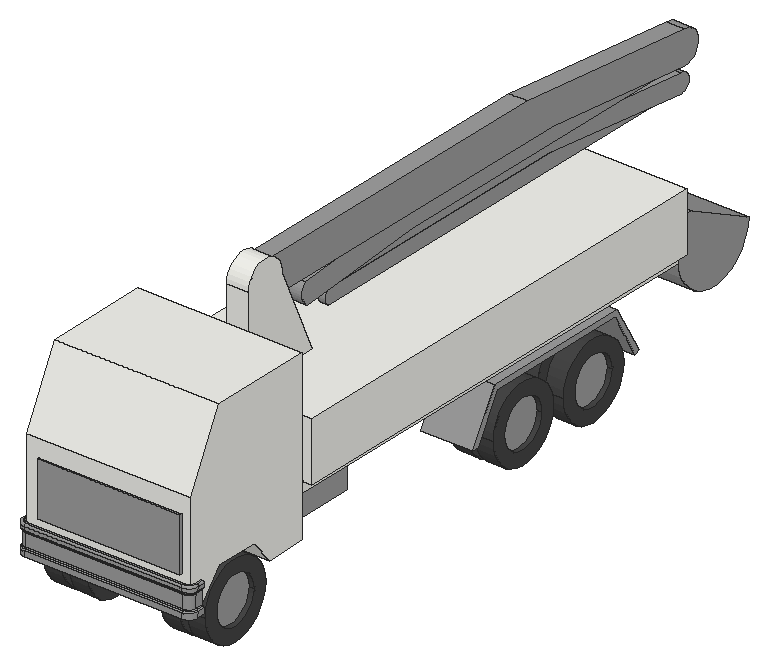
Revit family "1569426453Concrete Boom Pump Truck", category Site, Revit 2009
Parameters (values of type "90' Reach")
  Cab Material = Metal - Paint Finish - White, Matte
  Maximum Reach = 90' - 0"
  Tire Material = Plastic - Black
  Trailer Material = Metal - Paint Finish - White, Matte
Reference planes (in)
  plane 1 "Center F/B": x = -223.73077
  plane 2: z = 0
  plane 3 "Center L/R": y = -220.26923
  plane 4: z = 18
  plane 5: z = 18
  plane 6: y = -184.26923
  plane 7: z = 18
  plane 8: z = 18
  plane 9: y = 179.73077
  plane 10: z = 132
  plane 11: y = -108.26923
  plane 12: x = -229.73077
  plane 13: x = -217.73077
  plane 14: x = -218.73077
  plane 15: x = -228.73077
  plane 16: x = -227.73077
  plane 17: x = -219.73077
Forms (in)
  Extrusion 1, solid, material "Metal - Steel"
    sketch origin (-223.73077, -183.26923, 0) x (0, -1, 0) y (1, 0, 0)
      loop
        line (-100, 16) -> (-315, 16) -> (-315, -16) -> (-100, -16) -> (-100, -29.69599) -> (-48, -29.69599) -> (-48, 30.30401) -> (-100, 30.30401) -> (-100, 16)
    from 28 to 48
  Extrusion 2, solid, material "Plastic - Black" <- "Tire Material"
    sketch origin (-223.73077, 0, 0) x (0, -1, 0) y (0, 0, -1)
      loop
        circle (-67.73077, -20.25) r 20.5
      loop
        circle (177.26923, -20.25) r 20.5
      loop
        circle (-19.73077, -20.25) r 20.5
      loop
        circle (177.26923, -20.25) r 13
      loop
        circle (-19.73077, -20.25) r 13
      loop
        circle (-67.73077, -20.25) r 13
    from 34.375 to 44.375
  Sweep 3, solid, material "Metal - Chrome Plate"
    path origin (0, 129, 0) x (1, 0, 0) y (0, 1, 0)
      loop
        line (-271.73077, -332.26923) -> (-271.73077, -336.26923)
        arc (-271.73077, -336.26923) -> (-270.2663, -339.80476) -> (-266.73077, -341.26923) r 5
        line (-266.73077, -341.26923) -> (-180.73077, -341.26923)
        arc (-180.73077, -341.26923) -> (-177.19524, -339.80476) -> (-175.73077, -336.26923) r 5
        line (-175.73077, -336.26923) -> (-175.73077, -332.26923)
    profile origin (0, -205.26923, 0) x (1, 0, 0) y (0, 0, 1)
      loop
        line (-271.73077, 26.02419) -> (-269.73077, 26.02419) -> (-269.73077, 42.02419) -> (-270.73077, 42.02419)
        arc (-270.73077, 42.02419) -> (-271.43788, 41.7313) -> (-271.73077, 41.02419) r 1
        line (-271.73077, 41.02419) -> (-271.73077, 39.02419) -> (-270.963, 38.25642)
        arc (-270.963, 38.25642) -> (-270.74623, 37.932) -> (-270.67011, 37.54932) r 1
        line (-270.67011, 37.54932) -> (-270.67011, 30.37774)
        arc (-270.67011, 30.37774) -> (-270.74623, 29.99506) -> (-270.963, 29.67064) r 1
        line (-270.963, 29.67064) -> (-271.73077, 28.90287) -> (-271.73077, 26.02419)
  Extrusion 4, solid, material "Metal - Paint Finish - White, Matte"
    sketch origin (-223.73077, 0, 0) x (0, -1, 0) y (0, 0, 1)
      loop
        line (189.30344, 122) -> (132.26923, 122) -> (132.26923, 30) -> (154.76923, 30) -> (165.71453, 43.0441) -> (189.6083, 43.0441) -> (200.6104, 29.93231) -> (208.25451, 29.93231) -> (208.25451, 84) -> (189.30344, 122)
    from -45 to 45
  Extrusion 5, solid, material "Plastic - Black" <- "Tire Material"
    sketch origin (-223.73077, 0, 0) x (0, -1, 0) y (0, 0, 1)
      loop
        circle (-67.73077, 20.25) r 20.5
      loop
        circle (177.26923, 20.25) r 20.5
      loop
        circle (-19.73077, 20.25) r 20.5
      loop
        circle (-67.73077, 20.25) r 13
      loop
        circle (-19.73077, 20.25) r 13
      loop
        circle (177.26923, 20.25) r 13
    from 34.375 to 44.375
  Extrusion 6, solid, material "Metal - Paint Finish - White, Matte"
    sketch origin (0, 0.50798, 0) x (1, 0, 0) y (0, 1, 0)
      loop
        line (-262.15164, -132.26923) -> (-184.15164, -132.26923) -> (-184.15164, 131.22279) -> (-262.15164, 131.22279) -> (-262.15164, -132.26923)
    from 48 to 53.92969
  Extrusion 7, solid, material "Plastic - Black" <- "Tire Material"
    sketch origin (-238.10577, 0, 0) x (0, -1, 0) y (0, 0, -1)
      loop
        circle (-67.73077, -20.25) r 20.5
      loop
        circle (177.26923, -20.25) r 20.5
      loop
        circle (-19.73077, -20.25) r 20.5
    from 34.375 to 44.375
  Extrusion 8, solid, material "Plastic - Black" <- "Tire Material"
    sketch origin (-209.35577, 0, 0) x (0, -1, 0) y (0, 0, 1)
      loop
        circle (-67.73077, 20.25) r 20.5
      loop
        circle (177.59416, 20.13491) r 20.5
      loop
        circle (-19.73077, 20.25) r 20.5
    from 34.375 to 44.375
  Extrusion 9, solid, material "Metal - Chrome Plate"
    sketch origin (-268.10577, 0, 0) x (0, -1, 0) y (0, 0, 1)
      loop
        line (-98.60797, 21.96308) -> (-95.99285, 20.49299) -> (-82.21616, 45) -> (-1.70328, 45) -> (11.56467, 22.01924) -> (15.02877, 22.01924) -> (0.02877, 48) -> (-83.97123, 48) -> (-98.60797, 21.96308)
    from -28.375 to 0
  Extrusion 10, solid, material "Metal - Chrome Plate"
    sketch origin (-179.35577, 0, 0) x (0, -1, 0) y (0, 0, -1)
      loop
        line (-98.60797, -21.96308) -> (-83.97123, -48) -> (0.02877, -48) -> (15.02877, -22.01924) -> (11.56467, -22.01924) -> (-1.70328, -45) -> (-82.21616, -45) -> (-95.99285, -20.49299) -> (-98.60797, -21.96308)
    from -28.375 to 0
  Extrusion 11, solid, material "Metal - Steel"
    sketch origin (-268.73077, -208.25451, 29.93231) x (1, 0, 0) y (0, 0, 1)
      loop
        line (6.563, 44.60579) -> (6.563, 15.06769) -> (84.57913, 15.06769) -> (84.57913, 44.60579) -> (6.563, 44.60579)
    from 0 to 0.92188
  Extrusion 12, solid, material "Metal - Steel"
    sketch origin (-268.10577, 0, 0) x (0, -1, 0) y (0, 0, 1)
      loop
        circle (177.26923, 20.25) r 13
      loop
        circle (-19.73077, 20.25) r 13
      loop
        circle (-67.73077, 20.25) r 13
    from -10 to -3.86719
  Extrusion 13, solid, material "Metal - Steel"
    sketch origin (-179.35577, 0, 0) x (0, -1, 0) y (0, 0, -1)
      loop
        circle (177.1976, -20.2498) r 13
      loop
        circle (-19.8024, -20.2498) r 13
      loop
        circle (-67.73077, -20.25) r 13
    from -10 to -3.21177
  Extrusion 14, solid, material "Metal - Paint Finish - White, Matte"
    sketch origin (0, 0, 0) x (1, 0, 0) y (0, 1, 0)
      loop
        line (-268.73077, 131.73077) -> (-268.73077, -124.88594) -> (-179.35577, -124.88594) -> (-179.35577, 131.73077) -> (-268.73077, 131.73077)
    from 53.92969 to 86.02186
  Extrusion 15, solid, material "Metal - Steel"
    sketch origin (-223.73077, 0, 0) x (0, -1, 0) y (0, 0, 1)
      loop
        line (-131.73077, 69.97577) -> (-140.73077, 69.97577) -> (-179.73077, 49.92427)
        arc (-179.73077, 49.92427) -> (-155.73077, 25.92427) -> (-131.73077, 49.92427) r 24
        line (-131.73077, 49.92427) -> (-131.73077, 69.97577)
    from -39.57913 to 38.42188
  Extrusion 16, solid, material "Metal - Paint Finish - White, Matte"
    sketch origin (-223.73077, 0, 12) x (0, -1, 0) y (0, 0, 1)
      loop
        line (120.26923, 74.02186) -> (120.26923, 120.60314)
        arc (120.26923, 120.60314) -> (108.5025, 132.06423) -> (97.35499, 120) r 11.46506
        line (97.35499, 120) -> (77.33758, 74.02186) -> (120.26923, 74.02186)
    from -6 to 6
  Extrusion 17, solid, material "Metal - Steel"
    sketch origin (-223.73077, 0, 0) x (0, -1, 0) y (0, 0, 1)
      loop
        line (108.26923, 142) -> (-71.73077, 142) -> (-179.73077, 129.82539)
        arc (-179.73077, 129.82539) -> (-188.72783, 120.82834) -> (-179.73077, 111.83128) r 8.99706
        line (-179.73077, 111.83128) -> (-89.52484, 122) -> (108.26923, 122)
        arc (108.26923, 122) -> (118.26923, 132) -> (108.26923, 142) r 10
    from -5 to 5
  Extrusion 18, solid, material "Metal - Steel"
    sketch origin (-223.73077, 0, 0) x (0, -1, 0) y (0, 0, 1)
      loop
        line (-174.33727, 113.26671) -> (5.66273, 113.26671) -> (77.38875, 106.9915)
        arc (77.38875, 106.9915) -> (81.37767, 112.66543) -> (78.43461, 118.94584) r 6.91318
        line (78.43461, 118.94584) -> (6.7086, 125.22105) -> (-174.33727, 125.22105)
        arc (-174.33727, 125.22105) -> (-180.31444, 119.24388) -> (-174.33727, 113.26671) r 5.97717
    from -4.05143 to 4
  Extrusion 19, solid, material "Metal - Steel"
    sketch origin (-223.73077, 0, 0) x (0, -1, 0) y (0, 0, 1)
      loop
        line (77.18461, 117.94584) -> (-89.56539, 117.94584) -> (-179.73077, 107.54734)
        arc (-179.73077, 107.54734) -> (-184.76391, 102.51419) -> (-179.73077, 97.48105) r 5.03314
        line (-179.73077, 97.48105) -> (-88.99066, 107.94584) -> (77.18461, 107.94584)
        arc (77.18461, 107.94584) -> (79.41101, 112.94584) -> (77.18461, 117.94584) r 6.72765
    from -3.02948 to 3.02377
  Extrusion 20, solid, material "Metal - Steel"
    sketch origin (-223.73077, 0, 0) x (0, -1, 0) y (0, 0, 1)
      loop
        arc (-179.73077, 106.6238) -> (-183.73077, 102.6238) -> (-179.73077, 98.6238) r 4
        line (-179.73077, 98.6238) -> (60.26923, 98.6238)
        arc (60.26923, 98.6238) -> (62.55296, 102.6238) -> (60.26923, 106.6238) r 4.64491
        line (60.26923, 106.6238) -> (-179.73077, 106.6238)
    from -1.90745 to 2.01394
Lines and regions (in)
  Split face 1
    outline origin (-178.73077, 0, 0) x (0, -1, 0) y (0, 0, 1)
      loop
        line (202.14497, 81.12962) -> (184.50871, 115.74272) -> (144.26923, 115.74272) -> (144.26923, 41.99943) -> (155.30069, 41.99943) -> (163.69168, 51.99943) -> (202.14497, 51.99943) -> (202.14497, 81.12962)
  Split face 2
    outline origin (-178.73077, 0, 0) x (0, -1, 0) y (0, 0, 1)
      loop
        line (182.87614, 113.02186) -> (147.41909, 113.02186) -> (147.41909, 86.02186) -> (196.63332, 86.02186) -> (182.87614, 113.02186)
  Split face 3
    outline origin (-268.73077, -208.25451, 84) x (1, 0, 0) y (0, 0.446292, 0.894888)
      loop
        line (3, 3.17786) -> (86.57913, 3.17786) -> (86.57913, 36.17786) -> (3, 36.17786) -> (3, 3.17786)
  Split face 4
    outline origin (-268.73077, 0, 0) x (0, -1, 0) y (0, 0, 1)
      loop
        line (144.26923, 115.74272) -> (144.26923, 41.99943) -> (155.30069, 41.99943) -> (163.69168, 51.99943) -> (202.26923, 51.99943) -> (202.26923, 80.05685) -> (184.47225, 115.74272) -> (144.26923, 115.74272)
  Split face 5
    outline origin (-268.73077, 0, 0) x (0, -1, 0) y (0, 0, 1)
      loop
        line (147.34474, 113.02186) -> (147.34474, 86.02186) -> (196.51293, 86.02186) -> (183.04769, 113.02186) -> (147.34474, 113.02186)
  model lines, style "InvisibleLines"
    curve 1: line (-223.73077, -108.26923, 132) -> (-223.73077, 179.73077, 132)
  symbolic lines, style "Reach Radius"
    curve 2: arc (856.26923, -108.26923, 0) -> (-223.73077, 971.73077, 0) -> (-1303.73077, -108.26923, 0) r 1080
    curve 3: arc (-1303.73077, -108.26923, 0) -> (-223.73077, -1188.26923, 0) -> (856.26923, -108.26923, 0) r 1080
Dimensions and locks (in)
  locked: plane 3 "Center L/R" to plane 9 at 400
  locked: plane 10 to plane 2 at 132
  locked: plane 11 to plane 3 "Center L/R" at 112
  plane 12 to plane 1 "Center F/B" to plane 13 = 0' - 6" locked, 0' - 6" locked
  locked: plane 14 to plane 13 at 1
  locked: Extrusion 16 to plane 15 at 1
  locked: plane 15 to plane 16 at 1
  locked: plane 17 to plane 14 at 1
  Extrusion 19 sketch curve to Extrusion 19 sketch curve = 0' - 10"  (x2)
  "Maximum Reach": radius of curve 3
  aligned and locked: Extrusion 5 to Extrusion 12
  aligned and locked: Extrusion 14 to Extrusion 6
  aligned and locked: Extrusion 16 to plane 13
  aligned and locked: plane 12 to Extrusion 16
  aligned and locked: Extrusion 17 to plane 14
Automatic sketch dimensions
  Sweep 3 sketch curve to profile plane = 0' - 0"  (x2)
  Sweep 3 sketch curve to profile plane = 0' - 0.06066"  (x2)
  Sweep 3 sketch curve to profile plane = 0' - 0.76777"  (x2)
  Sweep 3 sketch curve to profile plane = 0' - 1"
  Sweep 3 sketch curve to profile plane = 0' - 1.06066"
  Sweep 3 sketch curve to profile plane = 0' - 2"
  level to Sweep 3 sketch curve = 2' - 2.02419"
  Sweep 3 sketch curve to Sweep 3 sketch curve = 0' - 2.87868"
  Sweep 3 sketch curve to Sweep 3 sketch curve = 0' - 0.76777"  (x2)
  Sweep 3 sketch curve to Sweep 3 sketch curve = 0' - 7.17157"
  Sweep 3 sketch curve to Sweep 3 sketch curve = 0' - 2"
  Extrusion 1 sketch curve to plane 1 "Center F/B" = 1' - 4"
  Extrusion 1 sketch curve to plane 3 "Center L/R" = 29' - 4"
  plane 1 "Center F/B" to Extrusion 1 sketch curve = 1' - 4"
  Extrusion 1 sketch curve to plane 3 "Center L/R" = 11' - 5"
  Extrusion 1 sketch curve to Extrusion 1 sketch curve = 0' - 0"
  Extrusion 1 sketch curve to plane 3 "Center L/R" = 7' - 1"
  Extrusion 1 sketch curve to Extrusion 1 sketch curve = 1' - 1.69599"
  Extrusion 1 sketch curve to Extrusion 1 sketch curve = 1' - 2.30401"
  plane 1 "Center F/B" to Extrusion 6 sketch curve = 3' - 2.42087"
  Extrusion 6 sketch curve to plane 1 "Center F/B" = 3' - 3.57913"
  Extrusion 6 sketch curve to plane 3 "Center L/R" = 7' - 4.50798"
  Extrusion 6 sketch curve to Extrusion 6 sketch curve = 21' - 11.49202"
  Extrusion 9 sketch curve to plane 3 "Center L/R" = 26' - 6.8772"
  level to Extrusion 9 sketch curve = 1' - 9.96308"
  level to Extrusion 9 sketch curve = 1' - 8.49299"
  Extrusion 9 sketch curve to Extrusion 9 sketch curve = 0' - 2.61511"
  Extrusion 9 sketch curve to Extrusion 9 sketch curve = 1' - 2.63674"
  Extrusion 9 sketch curve to Extrusion 9 sketch curve = 0' - 1.75507"
  Extrusion 9 sketch curve to Extrusion 9 sketch curve = 6' - 8.51288"
  Extrusion 9 sketch curve to Extrusion 9 sketch curve = 0' - 1.73205"
  Extrusion 9 sketch curve to Extrusion 9 sketch curve = 1' - 1.26795"
  level to Extrusion 9 sketch curve = 1' - 10.01924"
  Extrusion 9 sketch curve to Extrusion 9 sketch curve = 0' - 3.4641"
  level to Extrusion 10 sketch curve = 1' - 9.96308"
  Extrusion 10 sketch curve to plane 3 "Center L/R" = 26' - 6.8772"
  level to Extrusion 10 sketch curve = 1' - 8.49299"
  Extrusion 10 sketch curve to Extrusion 10 sketch curve = 0' - 2.61511"
  level to Extrusion 10 sketch curve = 4' - 0"
  level to Extrusion 10 sketch curve = 3' - 9"
  Extrusion 10 sketch curve to Extrusion 10 sketch curve = 6' - 8.51288"
  Extrusion 10 sketch curve to Extrusion 10 sketch curve = 0' - 1.73205"
  Extrusion 10 sketch curve to Extrusion 10 sketch curve = 1' - 1.26795"
  level to Extrusion 10 sketch curve = 1' - 10.01924"
  Extrusion 10 sketch curve to Extrusion 10 sketch curve = 0' - 3.4641"
  Extrusion 7 sketch curve to plane 7 = 0' - 2 1/4"  (x3)
  Extrusion 7 sketch curve to plane 3 "Center L/R" = 25' - 8 1/2"
  Extrusion 7 sketch curve to Extrusion 7 sketch curve = 1' - 8 1/2"  (x3)
  Extrusion 7 sketch curve to Extrusion 7 sketch curve = 0' - 7"
  Extrusion 7 sketch curve to plane 3 "Center L/R" = 5' - 3 1/2"
  Extrusion 8 sketch curve to plane 8 = 0' - 2 1/4"  (x2)
  Extrusion 8 sketch curve to plane 3 "Center L/R" = 25' - 8 1/2"
  Extrusion 8 sketch curve to Extrusion 8 sketch curve = 1' - 8 1/2"  (x3)
  Extrusion 8 sketch curve to Extrusion 8 sketch curve = 0' - 7"
  Extrusion 8 sketch curve to plane 8 = 0' - 2.13491"
  Extrusion 8 sketch curve to plane 3 "Center L/R" = 5' - 3.17507"
  Sweep 3 sketch curve to plane 3 "Center L/R" = 1' - 1"
  plane 1 "Center F/B" to Sweep 3 sketch curve = 4' - 0"
  Sweep 3 sketch curve to Sweep 3 sketch curve = 0' - 5"  (x2)
  Sweep 3 sketch curve to plane 1 "Center F/B" = 3' - 7"
  Sweep 3 sketch curve to Sweep 3 sketch curve = 0' - 4"  (x2)
  Split face 1 sketch curve to Extrusion 4 = 0' - 11.99943"
  Split face 1 sketch curve to Extrusion 4 = 0' - 4.79473"
  Split face 1 sketch curve to Extrusion 4 = 0' - 6.10954"
  Split face 1 sketch curve to Extrusion 4 = 0' - 7.30597"
  Extrusion 4 to Split face 1 sketch curve = 0' - 3.42643"
  Split face 1 sketch curve to Extrusion 4 = 0' - 6.25728"
  plane 1 "Center F/B" to Extrusion 11 sketch curve = 3' - 2.437"
  Extrusion 11 sketch curve to plane 1 "Center F/B" = 3' - 3.57913"
  level to Extrusion 11 sketch curve = 3' - 9"
  Extrusion 11 sketch curve to Extrusion 11 sketch curve = 2' - 5.53809"
  Split face 2 sketch curve to Extrusion 4 = 1' - 3.14986"
  Split face 2 sketch curve to Extrusion 4 = 0' - 6.42731"
  Split face 2 sketch curve to Extrusion 4 = 0' - 3.9404"
  Split face 2 sketch curve to Extrusion 4 = 0' - 9.49732"
  Split face 2 sketch curve to Extrusion 4 = 0' - 8.97814"
  Split face 3 sketch curve to Extrusion 4 = 0' - 3"
  Extrusion 4 to Split face 3 sketch curve = 0' - 3.42087"
  Split face 3 sketch curve to Extrusion 4 = 0' - 3.17786"
  Extrusion 4 to Split face 3 sketch curve = 0' - 6.28557"
  Split face 4 sketch curve to Extrusion 4 = 0' - 7.30597"
  Split face 4 sketch curve to Extrusion 4 = 0' - 4.8312"
  Split face 4 sketch curve to Extrusion 4 = 0' - 5.98528"
  Extrusion 4 to Split face 4 sketch curve = 0' - 4.21119"
  Split face 4 sketch curve to Extrusion 4 = 0' - 6.25728"
  Extrusion 4 to Split face 5 sketch curve = 0' - 4.75019"
  Split face 5 sketch curve to Extrusion 4 = 1' - 3.07551"
  Split face 5 sketch curve to Extrusion 4 = 0' - 6.25575"
  Split face 5 sketch curve to Extrusion 4 = 0' - 4.03263"
  Split face 5 sketch curve to Extrusion 4 = 0' - 8.97814"
  Extrusion 5 sketch curve to plane 5 = 0' - 2 1/4"  (x5)
  Extrusion 5 sketch curve to plane 3 "Center L/R" = 25' - 8 1/2"
  Extrusion 5 sketch curve to Extrusion 5 sketch curve = 0' - 7 1/2"  (x3)
  Extrusion 5 sketch curve to Extrusion 5 sketch curve = 1' - 1"  (x3)
  Extrusion 5 sketch curve to Extrusion 5 sketch curve = 0' - 0"  (x4)
  Extrusion 5 sketch curve to Extrusion 5 sketch curve = 0' - 7"
  Extrusion 5 sketch curve to plane 3 "Center L/R" = 5' - 3 1/2"
  level to Extrusion 12 sketch curve = 1' - 8 1/4"  (x3)
  Extrusion 12 sketch curve to plane 3 "Center L/R" = 25' - 1"
  Extrusion 12 sketch curve to Extrusion 12 sketch curve = 1' - 1"  (x3)
  Extrusion 12 sketch curve to Extrusion 12 sketch curve = 1' - 10"
  Extrusion 12 sketch curve to plane 3 "Center L/R" = 4' - 8"
  Extrusion 2 sketch curve to plane 3 "Center L/R" = 25' - 8 1/2"
  Extrusion 2 sketch curve to plane 4 = 0' - 2 1/4"  (x5)
  Extrusion 2 sketch curve to Extrusion 2 sketch curve = 0' - 7 1/2"  (x3)
  Extrusion 2 sketch curve to Extrusion 2 sketch curve = 1' - 1"  (x3)
  Extrusion 2 sketch curve to Extrusion 2 sketch curve = 0' - 0"  (x4)
  Extrusion 2 sketch curve to Extrusion 2 sketch curve = 0' - 7"
  Extrusion 2 sketch curve to plane 3 "Center L/R" = 5' - 3 1/2"
  level to Extrusion 13 sketch curve = 1' - 8 1/4"
  Extrusion 13 sketch curve to plane 3 "Center L/R" = 25' - 1"
  Extrusion 13 sketch curve to Extrusion 13 sketch curve = 1' - 1"  (x3)
  Extrusion 13 sketch curve to Extrusion 13 sketch curve = 1' - 9.92837"
  Extrusion 13 sketch curve to plane 3 "Center L/R" = 4' - 8.07163"
  level to Extrusion 13 sketch curve = 1' - 8.2498"  (x2)
  plane 1 "Center F/B" to Extrusion 14 sketch curve = 3' - 9"
  Extrusion 14 sketch curve to plane 1 "Center F/B" = 3' - 8 3/8"
  Extrusion 14 sketch curve to plane 11 = 1' - 4.61671"
  plane 9 to Extrusion 14 sketch curve = 4' - 0"
  Extrusion 15 sketch curve to plane 9 = 0' - 0"
  Extrusion 15 sketch curve to Extrusion 15 sketch curve = 2' - 0"
  Extrusion 15 sketch curve to Extrusion 15 sketch curve = 0' - 9"
  level to Extrusion 15 sketch curve = 4' - 1.92427"
  Extrusion 15 sketch curve to Extrusion 15 sketch curve = 1' - 8.0515"
  plane 11 to Extrusion 16 sketch curve = 2' - 6.93165"
  plane 11 to Extrusion 16 sketch curve = 0' - 10.91424"
  Extrusion 16 sketch curve to plane 11 = 0' - 0.53494"
  Extrusion 16 sketch curve to plane 11 = 1' - 0"
  Extrusion 16 sketch curve to plane 10 = 3' - 9.97814"
  Extrusion 16 sketch curve to plane 10 = 0' - 0"
  curve 1 to plane 9 = 0' - 0"
  curve 1 to plane 10 = 0' - 0"
  curve 1 to plane 11 = 0' - 0"
  plane 9 to Extrusion 18 sketch curve = 0' - 5.3935"
  Extrusion 18 sketch curve to plane 10 = 1' - 6.73329"
  plane 11 to Extrusion 18 sketch curve = 8' - 6.6065"
  Extrusion 18 sketch curve to plane 10 = 0' - 6.77895"
  Extrusion 18 sketch curve to Extrusion 18 sketch curve = 0' - 1.04587"
  plane 11 to Extrusion 18 sketch curve = 2' - 9.77843"
  Extrusion 18 sketch curve to Extrusion 18 sketch curve = 0' - 2.89795"
  Extrusion 18 sketch curve to Extrusion 18 sketch curve = 0' - 3.94382"
  Extrusion 18 sketch curve to plane 10 = 1' - 1.05416"
  Extrusion 18 sketch curve to Extrusion 18 sketch curve = 0' - 6.27646"
  Extrusion 19 sketch curve to plane 9 = 0' - 0"
  Extrusion 19 sketch curve to plane 10 = 1' - 2.05416"
  plane 9 to Extrusion 19 sketch curve = 7' - 6.16538"
  Extrusion 19 sketch curve to Extrusion 19 sketch curve = 0' - 0.57473"
  plane 11 to Extrusion 19 sketch curve = 2' - 11.58587"
  Extrusion 19 sketch curve to Extrusion 19 sketch curve = 0' - 4.50125"  (x2)
  Extrusion 20 sketch curve to plane 9 = 0' - 0"
  plane 11 to Extrusion 20 sketch curve = 4' - 2.36118"
  Extrusion 20 sketch curve to Extrusion 20 sketch curve = 0' - 2.36118"  (x2)
  Extrusion 20 sketch curve to plane 10 = 2' - 9.3762"
  Extrusion 20 sketch curve to Extrusion 20 sketch curve = 0' - 4"
  Extrusion 17 sketch curve to plane 9 = 0' - 0"
  Extrusion 17 sketch curve to plane 11 = 0' - 0"
  Extrusion 17 sketch curve to plane 10 = 0' - 0"
  plane 9 to Extrusion 17 sketch curve = 7' - 6.20593"
  plane 10 to Extrusion 17 sketch curve = 0' - 10"
  Extrusion 17 sketch curve to Extrusion 17 sketch curve = 1' - 5.79407"
  Extrusion 17 sketch curve to plane 10 = 0' - 11.17166"
  Extrusion 17 sketch curve to Extrusion 17 sketch curve = 0' - 8.99706"
  curve 3 to plane 11 = 0' - 0"
  curve 2 to plane 1 "Center F/B" = 0' - 0"
  Extrusion 4 sketch curve to plane 10 = 0' - 10"
  Extrusion 4 sketch curve to plane 11 = 2' - 0"
  Extrusion 4 sketch curve to Extrusion 4 sketch curve = 1' - 10 1/2"
  Extrusion 4 sketch curve to Extrusion 4 sketch curve = 0' - 10 121/128"
  plane 6 to Extrusion 4 sketch curve = 0' - 5.03421"
  plane 6 to Extrusion 4 sketch curve = 0' - 5.33907"
  plane 6 to Extrusion 4 sketch curve = 1' - 4.34117"
  Extrusion 4 sketch curve to plane 3 "Center L/R" = 1' - 0.01472"
  Extrusion 4 sketch curve to Extrusion 4 sketch curve = 3' - 2"
  level to Extrusion 4 sketch curve = 3' - 7.0441"
  level to Extrusion 4 sketch curve = 2' - 6"
  Extrusion 4 sketch curve to Extrusion 4 sketch curve = 1' - 1.11179"
